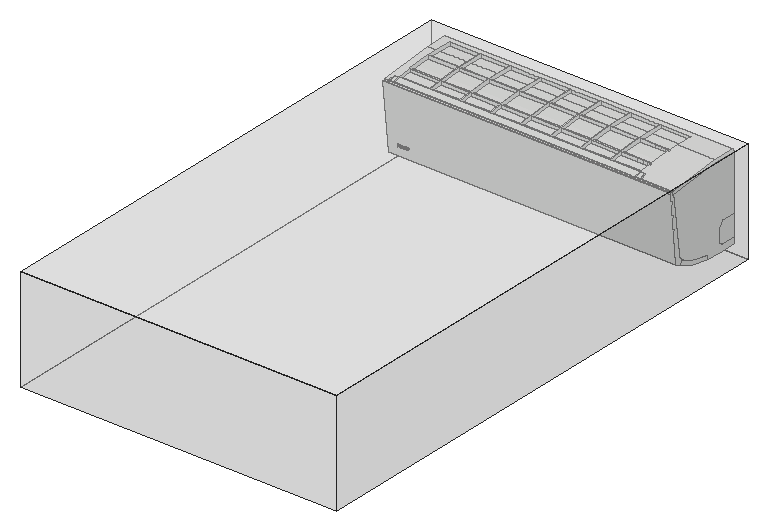
Revit family "outputfile", category 機械設備, Revit 2024 (continued)
Definition of nested family "DAIKIN_indoorunit_FTKF-DVA"
  Cuts and joins
    Extrusion 48, Extrusion 50 cuts Extrusion 38
    Extrusion 50 cuts Extrusion 49
    Extrusion 52, Extrusion 54 cuts Extrusion 2
    Extrusion 52, Extrusion 54 cuts Extrusion 6
    Extrusion 54 cuts Extrusion 53
    Extrusion 47 cuts Extrusion 46
  Lines and regions (mm)
    reference lines
      curve 1: line (-523, -203.827, -201.479) -> (-523, -197.847, -215.327)
      curve 2: line (-523, -218.956, -203.806) -> (-523, -217.93, -217.251)
      curve 3: line (-523, -253.284, -206.176) -> (-523, -252.024, -219.601)
  Dimensions and locks
    locked: Extrusion 9 sketch curve to Extrusion 9 sketch curve at 60
    locked: Extrusion 9 sketch curve to Extrusion 9 sketch curve at 50
    locked: Extrusion 11 sketch curve to Extrusion 11 sketch curve at 48.5
    equal spacing: plane 5, plane 3 "Center (Left/Right)", plane 4
    "Width": plane 5 to plane 4
    locked: Extrusion 8 sketch curve to plane 4 at 48
    "WALL HOLE-R": plane 5 to Extrusion 8 sketch curve
    "Height": plane 2 "reference_level" to plane 6
    locked: Extrusion 8 sketch curve to plane 6 at 45  (x2)
    Extrusion 13 to nested 2 = 36.0 mm
    locked: Extrusion 19 sketch curve to Extrusion 19 sketch curve at 60
    locked: Extrusion 20 sketch curve to Extrusion 20 sketch curve at 60
    Extrusion 21 sketch curve to Extrusion 21 sketch curve = 52.0 mm  (x2)
    Extrusion 11 sketch curve to Extrusion 11 sketch curve to plane 3 "Center (Left/Right)" = 60.0 mm locked, 286.0 mm locked
    plane 3 "Center (Left/Right)" to Extrusion 11 sketch curve to Extrusion 11 sketch curve = 259.0 mm locked, 60.0 mm locked
    Extrusion 21 sketch curve to Extrusion 21 sketch curve to plane 3 "Center (Left/Right)" to Extrusion 21 sketch curve to Extrusion 21 sketch curve = 60.0 mm, 309.0 mm, 309.0 mm, 60.0 mm
    Extrusion 42 sketch curve to plane 1 "Center (Front/Back)" = 61.8 mm
    Extrusion 42 sketch curve to Extrusion 42 sketch curve to plane 3 "Center (Left/Right)" to Extrusion 42 sketch curve to Extrusion 42 sketch curve = 73.5 mm locked, 395.5 mm locked, 395.5 mm locked, 73.5 mm locked
    aligned and locked: level to plane 2 "reference_level"
    aligned and locked: Extrusion 11 sketch curve to Extrusion 11 sketch curve  (x2)
    aligned and locked: Extrusion 8 to plane 1 "Center (Front/Back)"
    aligned and locked: nested 2 to curve 2
    aligned and locked: nested 3 to curve 3
    aligned and locked: Extrusion 42 sketch curve to Extrusion 42 sketch curve
  Automatic sketch dimensions
    Extrusion 4 sketch curve to plane 1 "Center (Front/Back)" = 0.0 mm
    plane 1 "Center (Front/Back)" to Extrusion 4 sketch curve = 2.596 mm
    plane 1 "Center (Front/Back)" to Extrusion 4 sketch curve = 22.05 mm
    Extrusion 4 sketch curve to level = 8.0 mm
    Extrusion 4 sketch curve to Extrusion 4 sketch curve = 87.469 mm
    Extrusion 4 sketch curve to Extrusion 4 sketch curve = 23.928 mm
    Extrusion 4 sketch curve to Extrusion 4 sketch curve = 26.307 mm
    Extrusion 4 sketch curve to Extrusion 4 sketch curve = 83.5 mm
    Extrusion 4 sketch curve to level = 28.539 mm
    Extrusion 4 sketch curve to Extrusion 4 sketch curve = 91.44 mm
    Extrusion 4 sketch curve to Extrusion 4 sketch curve = 12.229 mm
    Extrusion 4 sketch curve to Extrusion 4 sketch curve = 32.705 mm
    Extrusion 4 sketch curve to level = 43.491 mm
    Extrusion 4 sketch curve to Extrusion 4 sketch curve = 3.707 mm
    Extrusion 4 sketch curve to Extrusion 4 sketch curve = 52.472 mm
    Extrusion 4 sketch curve to Extrusion 4 sketch curve = 0.0 mm
    plane 1 "Center (Front/Back)" to Extrusion 5 sketch curve = 192.48 mm
    Extrusion 5 sketch curve to Extrusion 5 sketch curve = 11.872 mm
    Extrusion 5 sketch curve to Extrusion 5 sketch curve = 65.26 mm
    Extrusion 5 sketch curve to Extrusion 5 sketch curve = 0.31 mm  (x2)
    Extrusion 5 sketch curve to Extrusion 5 sketch curve = 66.449 mm
    plane 1 "Center (Front/Back)" to Extrusion 5 sketch curve = 22.36 mm
    Extrusion 5 sketch curve to level = 276.027 mm
    Extrusion 5 sketch curve to Extrusion 5 sketch curve = 10.915 mm
    Extrusion 5 sketch curve to Extrusion 5 sketch curve = 42.154 mm
    Extrusion 5 sketch curve to Extrusion 5 sketch curve = 1.37 mm
    Extrusion 5 sketch curve to Extrusion 5 sketch curve = 54.088 mm
    Extrusion 5 sketch curve to Extrusion 5 sketch curve = 0.0 mm  (x2)
    Extrusion 5 sketch curve to level = 43.491 mm
    plane 1 "Center (Front/Back)" to Extrusion 6 sketch curve = 192.48 mm
    Extrusion 6 sketch curve to Extrusion 6 sketch curve = 11.872 mm
    Extrusion 6 sketch curve to Extrusion 6 sketch curve = 65.26 mm
    Extrusion 6 sketch curve to Extrusion 6 sketch curve = 0.31 mm  (x2)
    Extrusion 6 sketch curve to Extrusion 6 sketch curve = 66.449 mm
    plane 1 "Center (Front/Back)" to Extrusion 6 sketch curve = 22.36 mm
    Extrusion 6 sketch curve to level = 276.027 mm
    Extrusion 6 sketch curve to Extrusion 6 sketch curve = 10.915 mm
    Extrusion 6 sketch curve to Extrusion 6 sketch curve = 42.154 mm
    Extrusion 6 sketch curve to Extrusion 6 sketch curve = 1.37 mm
    Extrusion 6 sketch curve to Extrusion 6 sketch curve = 54.088 mm
    Extrusion 6 sketch curve to Extrusion 6 sketch curve = 0.0 mm  (x2)
    Extrusion 6 sketch curve to level = 43.491 mm
    plane 1 "Center (Front/Back)" to Extrusion 7 sketch curve = 72.419 mm
    Extrusion 7 sketch curve to plane 3 "Center (Left/Right)" = 324.633 mm
    Extrusion 7 sketch curve to Extrusion 7 sketch curve = 0.0 mm  (x39)
    plane 1 "Center (Front/Back)" to Extrusion 7 sketch curve = 75.939 mm
    Extrusion 7 sketch curve to Extrusion 7 sketch curve = 20.633 mm  (x2)
    plane 1 "Center (Front/Back)" to Extrusion 7 sketch curve = 74.9 mm
    plane 1 "Center (Front/Back)" to Extrusion 7 sketch curve = 142.3 mm
    Extrusion 7 sketch curve to Extrusion 7 sketch curve = 24.633 mm
    Extrusion 7 sketch curve to Extrusion 7 sketch curve = 69.1 mm
    plane 1 "Center (Front/Back)" to Extrusion 7 sketch curve = 24.5 mm  (x4)
    Extrusion 7 sketch curve to Extrusion 7 sketch curve = 1.4 mm  (x23)
    Extrusion 7 sketch curve to Extrusion 7 sketch curve = 86.6 mm
    Extrusion 7 sketch curve to Extrusion 7 sketch curve = 70.6 mm
    Extrusion 7 sketch curve to Extrusion 7 sketch curve = 20.0 mm  (x4)
    plane 3 "Center (Left/Right)" to Extrusion 7 sketch curve = 36.5 mm  (x2)
    Extrusion 7 sketch curve to Extrusion 7 sketch curve = 87.0 mm
    Extrusion 7 sketch curve to Extrusion 7 sketch curve = 69.717 mm
    Extrusion 7 sketch curve to Extrusion 7 sketch curve = 1.026 mm
    Extrusion 7 sketch curve to Extrusion 7 sketch curve = 38.883 mm
    Extrusion 7 sketch curve to Extrusion 7 sketch curve = 39.104 mm
    Extrusion 7 sketch curve to Extrusion 7 sketch curve = 1.291 mm
    Extrusion 7 sketch curve to Extrusion 7 sketch curve = 1.048 mm  (x5)
    Extrusion 7 sketch curve to Extrusion 7 sketch curve = 41.2 mm
    Extrusion 7 sketch curve to Extrusion 7 sketch curve = 3.496 mm  (x2)
    Extrusion 7 sketch curve to Extrusion 7 sketch curve = 3.508 mm
    Extrusion 7 sketch curve to Extrusion 7 sketch curve = 63.904 mm
    Extrusion 7 sketch curve to Extrusion 7 sketch curve = 66.0 mm
    Extrusion 7 sketch curve to Extrusion 7 sketch curve = 3.386 mm
    Extrusion 9 sketch curve to plane 1 "Center (Front/Back)" = 0.0 mm
    Extrusion 9 sketch curve to Extrusion 9 sketch curve = 20.0 mm  (x2)
    Extrusion 9 sketch curve to level = 273.0 mm
    plane 1 "Center (Front/Back)" to Extrusion 11 sketch curve = 0.0 mm
    Extrusion 11 sketch curve to Extrusion 11 sketch curve = 18.5 mm  (x3)
    Extrusion 11 sketch curve to Extrusion 11 sketch curve = 23.0 mm
    Extrusion 12 sketch curve to level = 0.0 mm
    Extrusion 12 sketch curve to plane 1 "Center (Front/Back)" = 0.0 mm
    plane 1 "Center (Front/Back)" to Extrusion 12 sketch curve = 5.0 mm
    Extrusion 12 sketch curve to plane 1 "Center (Front/Back)" = 14.977 mm
    Extrusion 12 sketch curve to level = 9.02 mm
    Extrusion 12 sketch curve to level = 11.0 mm
    level to Extrusion 12 sketch curve = 9.314 mm
    plane 1 "Center (Front/Back)" to Extrusion 14 sketch curve = 23.5 mm  (x3)
    Extrusion 14 sketch curve to plane 3 "Center (Left/Right)" = 355.499 mm
    Extrusion 14 sketch curve to Extrusion 14 sketch curve = 0.0 mm  (x34)
    Extrusion 14 sketch curve to Extrusion 14 sketch curve = 101.5 mm
    Extrusion 14 sketch curve to Extrusion 14 sketch curve = 2.6 mm  (x8)
    Extrusion 14 sketch curve to Extrusion 14 sketch curve = 99.5 mm  (x2)
    Extrusion 14 sketch curve to plane 3 "Center (Left/Right)" = 54.549 mm
    Extrusion 14 sketch curve to Extrusion 14 sketch curve = 12.0 mm  (x7)
    plane 3 "Center (Left/Right)" to Extrusion 14 sketch curve = 52.301 mm  (x2)
    Extrusion 14 sketch curve to Extrusion 14 sketch curve = 73.2 mm  (x2)
    Extrusion 14 sketch curve to Extrusion 14 sketch curve = 2.4 mm  (x6)
    Extrusion 14 sketch curve to Extrusion 14 sketch curve = 71.0 mm  (x3)
    Extrusion 14 sketch curve to Extrusion 14 sketch curve = 1.6 mm  (x6)
    Extrusion 14 sketch curve to Extrusion 14 sketch curve = 30.0 mm  (x3)
    plane 1 "Center (Front/Back)" to Extrusion 15 sketch curve = 194.856 mm
    Extrusion 15 sketch curve to Extrusion 15 sketch curve = 9.074 mm
    Extrusion 15 sketch curve to Extrusion 15 sketch curve = 86.508 mm
    level to Extrusion 15 sketch curve = 11.72 mm
    plane 1 "Center (Front/Back)" to Extrusion 15 sketch curve = 52.895 mm
    Extrusion 15 sketch curve to Extrusion 15 sketch curve = 0.004 mm
    Extrusion 15 sketch curve to Extrusion 15 sketch curve = 0.033 mm
    Extrusion 15 sketch curve to level = 244.604 mm
    Extrusion 15 sketch curve to Extrusion 15 sketch curve = 7.382 mm
    plane 1 "Center (Front/Back)" to Extrusion 16 sketch curve = 194.856 mm
    Extrusion 16 sketch curve to Extrusion 16 sketch curve = 9.074 mm
    Extrusion 16 sketch curve to Extrusion 16 sketch curve = 86.508 mm
    level to Extrusion 16 sketch curve = 11.72 mm
    plane 1 "Center (Front/Back)" to Extrusion 16 sketch curve = 52.895 mm
    Extrusion 16 sketch curve to Extrusion 16 sketch curve = 0.004 mm
    Extrusion 16 sketch curve to level = 244.604 mm
    Extrusion 16 sketch curve to Extrusion 16 sketch curve = 7.382 mm
    Extrusion 16 sketch curve to Extrusion 16 sketch curve = 10.901 mm
    plane 1 "Center (Front/Back)" to Extrusion 17 sketch curve = 194.856 mm
    Extrusion 17 sketch curve to Extrusion 17 sketch curve = 9.074 mm
    Extrusion 17 sketch curve to Extrusion 17 sketch curve = 86.508 mm
    level to Extrusion 17 sketch curve = 11.72 mm
    plane 1 "Center (Front/Back)" to Extrusion 17 sketch curve = 52.895 mm
    Extrusion 17 sketch curve to Extrusion 17 sketch curve = 0.004 mm
    Extrusion 17 sketch curve to level = 244.604 mm
    Extrusion 17 sketch curve to Extrusion 17 sketch curve = 7.382 mm
    Extrusion 17 sketch curve to Extrusion 17 sketch curve = 10.901 mm
    Extrusion 19 sketch curve to plane 1 "Center (Front/Back)" = 0.0 mm
    Extrusion 19 sketch curve to Extrusion 19 sketch curve = 32.8 mm
    plane 1 "Center (Front/Back)" to Extrusion 19 sketch curve = 32.8 mm
    Extrusion 19 sketch curve to Extrusion 19 sketch curve = 19.2 mm
    Extrusion 19 sketch curve to level = 269.6 mm
    Extrusion 20 sketch curve to plane 1 "Center (Front/Back)" = 0.0 mm
    Extrusion 20 sketch curve to Extrusion 20 sketch curve = 32.8 mm  (x2)
    Extrusion 20 sketch curve to Extrusion 20 sketch curve = 19.2 mm
    Extrusion 20 sketch curve to level = 269.6 mm
    plane 1 "Center (Front/Back)" to Extrusion 21 sketch curve = 0.0 mm  (x2)
    Extrusion 21 sketch curve to Extrusion 21 sketch curve = 20.0 mm  (x4)
    Extrusion 22 sketch curve to plane 3 "Center (Left/Right)" = 339.0 mm
    plane 3 "Center (Left/Right)" to Extrusion 22 sketch curve = 231.0 mm
    plane 1 "Center (Front/Back)" to Extrusion 22 sketch curve = 202.769 mm
    Extrusion 22 sketch curve to Extrusion 22 sketch curve = 17.012 mm
    Extrusion 23 sketch curve to plane 3 "Center (Left/Right)" = 339.0 mm
    Extrusion 23 sketch curve to Extrusion 23 sketch curve = 15.0 mm  (x2)
    plane 3 "Center (Left/Right)" to Extrusion 23 sketch curve = 216.0 mm
    plane 1 "Center (Front/Back)" to Extrusion 23 sketch curve = 202.757 mm  (x2)
    Extrusion 23 sketch curve to Extrusion 23 sketch curve = 17.0 mm  (x2)
    Extrusion 24 sketch curve to plane 3 "Center (Left/Right)" = 324.0 mm
    Extrusion 24 sketch curve to Extrusion 24 sketch curve = 43.629 mm
    Extrusion 24 sketch curve to Extrusion 24 sketch curve = 1.5 mm  (x9)
    Extrusion 24 sketch curve to Extrusion 24 sketch curve = 21.542 mm  (x3)
    Extrusion 24 sketch curve to plane 3 "Center (Left/Right)" = 123.621 mm
    Extrusion 24 sketch curve to plane 3 "Center (Left/Right)" = 9.121 mm
    plane 3 "Center (Left/Right)" to Extrusion 24 sketch curve = 13.921 mm
    Extrusion 24 sketch curve to Extrusion 24 sketch curve = 132.208 mm
    Extrusion 24 sketch curve to Extrusion 24 sketch curve = 43.829 mm
    plane 1 "Center (Front/Back)" to Extrusion 24 sketch curve = 202.757 mm
    plane 1 "Center (Front/Back)" to Extrusion 24 sketch curve = 195.757 mm
    Extrusion 24 sketch curve to Extrusion 24 sketch curve = 7.0 mm  (x2)
    Extrusion 24 sketch curve to Extrusion 24 sketch curve = 3.5 mm  (x4)
    Extrusion 24 sketch curve to Extrusion 24 sketch curve = 12.0 mm
    Extrusion 26 sketch curve to plane 3 "Center (Left/Right)" = 373.412 mm
    Extrusion 26 sketch curve to Extrusion 26 sketch curve = 1.011 mm
    Extrusion 26 sketch curve to Extrusion 26 sketch curve = 15.228 mm
    Extrusion 26 sketch curve to Extrusion 26 sketch curve = 0.132 mm
    plane 3 "Center (Left/Right)" to Extrusion 26 sketch curve = 259.015 mm
    Extrusion 26 sketch curve to Extrusion 26 sketch curve = 0.133 mm
    Extrusion 26 sketch curve to Extrusion 26 sketch curve = 15.197 mm
    Extrusion 26 sketch curve to Extrusion 26 sketch curve = 16.358 mm
    plane 1 "Center (Front/Back)" to Extrusion 26 sketch curve = 238.673 mm
    Extrusion 26 sketch curve to Extrusion 26 sketch curve = 34.983 mm
    Extrusion 26 sketch curve to Extrusion 26 sketch curve = 3.79 mm  (x2)
    plane 3 "Center (Left/Right)" to Extrusion 26 sketch curve = 247.689 mm
    plane 1 "Center (Front/Back)" to Extrusion 26 sketch curve = 58.091 mm
    Extrusion 27 sketch curve to plane 3 "Center (Left/Right)" = 373.099 mm
    Extrusion 27 sketch curve to Extrusion 27 sketch curve = 0.698 mm
    Extrusion 27 sketch curve to Extrusion 27 sketch curve = 15.228 mm
    Extrusion 27 sketch curve to Extrusion 27 sketch curve = 0.132 mm
    Extrusion 27 sketch curve to Extrusion 27 sketch curve = 1.99 mm
    plane 3 "Center (Left/Right)" to Extrusion 27 sketch curve = 257.001 mm
    Extrusion 27 sketch curve to Extrusion 27 sketch curve = 2.014 mm
    Extrusion 27 sketch curve to Extrusion 27 sketch curve = 0.133 mm
    Extrusion 27 sketch curve to Extrusion 27 sketch curve = 15.196 mm
    Extrusion 27 sketch curve to Extrusion 27 sketch curve = 18.053 mm
    plane 1 "Center (Front/Back)" to Extrusion 27 sketch curve = 226.673 mm  (x2)
    Extrusion 27 sketch curve to Extrusion 27 sketch curve = 22.983 mm  (x2)
    Extrusion 27 sketch curve to Extrusion 27 sketch curve = 3.79 mm  (x2)
    Extrusion 28 sketch curve to plane 3 "Center (Left/Right)" = 355.05 mm
    plane 3 "Center (Left/Right)" to Extrusion 28 sketch curve = 257.001 mm
    plane 1 "Center (Front/Back)" to Extrusion 28 sketch curve = 226.673 mm
    Extrusion 28 sketch curve to Extrusion 28 sketch curve = 22.983 mm
    Extrusion 29 sketch curve to level = 0.0 mm
    Extrusion 29 sketch curve to level = 30.0 mm
    plane 1 "Center (Front/Back)" to Extrusion 29 sketch curve = 238.673 mm
    Extrusion 29 sketch curve to Extrusion 29 sketch curve = 38.773 mm
    Extrusion 29 sketch curve to Extrusion 29 sketch curve = 0.0 mm  (x2)
    plane 1 "Center (Front/Back)" to Extrusion 29 sketch curve = 45.84 mm
    Extrusion 29 sketch curve to plane 1 "Center (Front/Back)" = 14.977 mm
    Extrusion 29 sketch curve to Extrusion 29 sketch curve = 994.66 mm
    Extrusion 29 sketch curve to Extrusion 29 sketch curve = 0.163 mm
    Extrusion 29 sketch curve to Extrusion 29 sketch curve = 7.224 mm
    Extrusion 29 sketch curve to level = 11.646 mm
    level to Extrusion 29 sketch curve = 9.314 mm
    Extrusion 29 sketch curve to Extrusion 29 sketch curve = 13.398 mm
    Extrusion 30 sketch curve to Extrusion 30 sketch curve = 0.0 mm  (x2)
    plane 1 "Center (Front/Back)" to Extrusion 30 sketch curve = 189.887 mm
    Extrusion 30 sketch curve to Extrusion 30 sketch curve = 11.307 mm
    Extrusion 30 sketch curve to Extrusion 30 sketch curve = 46.464 mm
    Extrusion 30 sketch curve to Extrusion 30 sketch curve = 21.724 mm
    Extrusion 30 sketch curve to level = 277.1 mm
    Extrusion 30 sketch curve to Extrusion 30 sketch curve = 22.499 mm
    Extrusion 31 sketch curve to Extrusion 31 sketch curve = 0.0 mm  (x2)
    plane 1 "Center (Front/Back)" to Extrusion 31 sketch curve = 189.887 mm
    Extrusion 31 sketch curve to Extrusion 31 sketch curve = 11.307 mm
    Extrusion 31 sketch curve to Extrusion 31 sketch curve = 46.464 mm
    Extrusion 31 sketch curve to Extrusion 31 sketch curve = 21.724 mm
    Extrusion 31 sketch curve to level = 277.1 mm
    Extrusion 31 sketch curve to Extrusion 31 sketch curve = 22.499 mm
    Extrusion 32 sketch curve to Extrusion 32 sketch curve = 0.0 mm  (x2)
    plane 1 "Center (Front/Back)" to Extrusion 32 sketch curve = 185.929 mm
    Extrusion 32 sketch curve to Extrusion 32 sketch curve = 6.899 mm
    Extrusion 32 sketch curve to Extrusion 32 sketch curve = 9.219 mm
    Extrusion 32 sketch curve to Extrusion 32 sketch curve = 7.915 mm
    Extrusion 32 sketch curve to level = 264.005 mm
    Extrusion 32 sketch curve to Extrusion 32 sketch curve = 7.405 mm
    Extrusion 33 sketch curve to Extrusion 33 sketch curve = 0.0 mm  (x2)
    plane 1 "Center (Front/Back)" to Extrusion 33 sketch curve = 185.929 mm
    Extrusion 33 sketch curve to Extrusion 33 sketch curve = 6.899 mm
    Extrusion 33 sketch curve to Extrusion 33 sketch curve = 9.219 mm
    Extrusion 33 sketch curve to Extrusion 33 sketch curve = 7.915 mm
    Extrusion 33 sketch curve to level = 264.005 mm
    Extrusion 33 sketch curve to Extrusion 33 sketch curve = 7.405 mm
    plane 1 "Center (Front/Back)" to Extrusion 36 sketch curve = 233.849 mm
    Extrusion 36 sketch curve to Extrusion 36 sketch curve = 11.574 mm
    Extrusion 36 sketch curve to Extrusion 36 sketch curve = 106.825 mm
    Extrusion 36 sketch curve to Extrusion 36 sketch curve = 0.0 mm
    level to Extrusion 36 sketch curve = 3.941 mm
    plane 1 "Center (Front/Back)" to Extrusion 36 sketch curve = 90.201 mm
    Extrusion 36 sketch curve to Extrusion 36 sketch curve = 0.002 mm
    Extrusion 36 sketch curve to Extrusion 36 sketch curve = 0.776 mm
    Extrusion 36 sketch curve to level = 250.06 mm
    Extrusion 36 sketch curve to Extrusion 36 sketch curve = 9.301 mm
    Extrusion 36 sketch curve to Extrusion 36 sketch curve = 31.169 mm
    Extrusion 36 sketch curve to Extrusion 36 sketch curve = 13.702 mm
    Extrusion 36 sketch curve to Extrusion 36 sketch curve = 27.641 mm
    plane 1 "Center (Front/Back)" to Extrusion 37 sketch curve = 233.849 mm
    Extrusion 37 sketch curve to Extrusion 37 sketch curve = 11.574 mm
    Extrusion 37 sketch curve to Extrusion 37 sketch curve = 106.825 mm
    Extrusion 37 sketch curve to Extrusion 37 sketch curve = 0.0 mm
    level to Extrusion 37 sketch curve = 3.941 mm
    plane 1 "Center (Front/Back)" to Extrusion 37 sketch curve = 90.201 mm
    Extrusion 37 sketch curve to Extrusion 37 sketch curve = 0.002 mm
    Extrusion 37 sketch curve to Extrusion 37 sketch curve = 0.776 mm
    Extrusion 37 sketch curve to level = 250.06 mm
    Extrusion 37 sketch curve to Extrusion 37 sketch curve = 9.301 mm
    Extrusion 37 sketch curve to Extrusion 37 sketch curve = 31.169 mm
    Extrusion 37 sketch curve to Extrusion 37 sketch curve = 13.702 mm
    Extrusion 37 sketch curve to Extrusion 37 sketch curve = 27.641 mm
    plane 1 "Center (Front/Back)" to Extrusion 38 sketch curve = 233.849 mm
    Extrusion 38 sketch curve to Extrusion 38 sketch curve = 11.574 mm
    Extrusion 38 sketch curve to Extrusion 38 sketch curve = 106.825 mm
    Extrusion 38 sketch curve to Extrusion 38 sketch curve = 0.0 mm
    level to Extrusion 38 sketch curve = 3.941 mm
    plane 1 "Center (Front/Back)" to Extrusion 38 sketch curve = 90.201 mm
    Extrusion 38 sketch curve to Extrusion 38 sketch curve = 0.002 mm
    Extrusion 38 sketch curve to Extrusion 38 sketch curve = 0.776 mm
    Extrusion 38 sketch curve to level = 250.06 mm
    Extrusion 38 sketch curve to Extrusion 38 sketch curve = 9.301 mm
    Extrusion 38 sketch curve to Extrusion 38 sketch curve = 31.169 mm
    Extrusion 38 sketch curve to Extrusion 38 sketch curve = 13.702 mm
    Extrusion 38 sketch curve to Extrusion 38 sketch curve = 27.641 mm
    Extrusion 40 sketch curve to plane 1 "Center (Front/Back)" = 0.0 mm
    plane 1 "Center (Front/Back)" to Extrusion 40 sketch curve = 41.8 mm
    Extrusion 40 sketch curve to Extrusion 40 sketch curve = 0.0 mm  (x2)
    Extrusion 40 sketch curve to Extrusion 40 sketch curve = 20.0 mm
    Extrusion 40 sketch curve to level = 275.5 mm
    Extrusion 40 sketch curve to Extrusion 40 sketch curve = 33.5 mm
    Extrusion 41 sketch curve to plane 1 "Center (Front/Back)" = 0.0 mm
    plane 1 "Center (Front/Back)" to Extrusion 41 sketch curve = 41.8 mm
    Extrusion 41 sketch curve to Extrusion 41 sketch curve = 0.0 mm
    Extrusion 41 sketch curve to Extrusion 41 sketch curve = 20.0 mm
    Extrusion 41 sketch curve to level = 202.0 mm
    Extrusion 41 sketch curve to Extrusion 41 sketch curve = 33.5 mm
    plane 1 "Center (Front/Back)" to Extrusion 42 sketch curve = 0.0 mm  (x2)
    Extrusion 42 sketch curve to Extrusion 42 sketch curve = 20.0 mm  (x4)
    plane 3 "Center (Left/Right)" to Extrusion 44 sketch curve = 380.0 mm
    Extrusion 46 sketch curve to plane 3 "Center (Left/Right)" = 466.5 mm
    plane 3 "Center (Left/Right)" to Extrusion 46 sketch curve = 366.0 mm
    plane 1 "Center (Front/Back)" to Extrusion 46 sketch curve = 264.436 mm
    Extrusion 46 sketch curve to Extrusion 46 sketch curve = 25.436 mm
    Extrusion 47 sketch curve to level = 33.272 mm
    Extrusion 47 sketch curve to level = 22.853 mm
    level to Extrusion 47 sketch curve = 5.0 mm
    Extrusion 48 sketch curve to Extrusion 48 sketch curve = 20.148 mm
    Extrusion 48 sketch curve to Extrusion 48 sketch curve = 44.745 mm
    Extrusion 48 sketch curve to Extrusion 48 sketch curve = 22.502 mm
    level to Extrusion 48 sketch curve = 6.546 mm
    plane 1 "Center (Front/Back)" to Extrusion 48 sketch curve = 89.423 mm
    Extrusion 48 sketch curve to Extrusion 48 sketch curve = 0.0 mm  (x2)
    Extrusion 48 sketch curve to Extrusion 48 sketch curve = 11.127 mm
    Extrusion 49 sketch curve to Extrusion 49 sketch curve = 0.0 mm  (x2)
    level to Extrusion 49 sketch curve = 6.546 mm
    plane 1 "Center (Front/Back)" to Extrusion 49 sketch curve = 89.423 mm
    Extrusion 49 sketch curve to level = 261.498 mm
    Extrusion 49 sketch curve to Extrusion 49 sketch curve = 11.127 mm
    Extrusion 49 sketch curve to Extrusion 49 sketch curve = 64.893 mm
    Extrusion 49 sketch curve to Extrusion 49 sketch curve = 20.148 mm
    Extrusion 50 sketch curve to Extrusion 50 sketch curve = 8.97 mm
    Extrusion 50 sketch curve to Extrusion 50 sketch curve = 7.404 mm
    level to Extrusion 50 sketch curve = 6.546 mm
    Extrusion 50 sketch curve to Extrusion 50 sketch curve = 6.785 mm
    Extrusion 50 sketch curve to Extrusion 50 sketch curve = 7.726 mm
    Extrusion 50 sketch curve to Extrusion 50 sketch curve = 0.0 mm  (x2)
    plane 1 "Center (Front/Back)" to Extrusion 50 sketch curve = 89.423 mm
    Extrusion 51 sketch curve to Extrusion 51 sketch curve = 0.0 mm  (x2)
    level to Extrusion 51 sketch curve = 6.546 mm
    plane 1 "Center (Front/Back)" to Extrusion 51 sketch curve = 89.423 mm
    Extrusion 51 sketch curve to level = 263.5 mm
    Extrusion 51 sketch curve to Extrusion 51 sketch curve = 6.785 mm
    Extrusion 51 sketch curve to Extrusion 51 sketch curve = 16.697 mm
    Extrusion 51 sketch curve to Extrusion 51 sketch curve = 7.726 mm
    Extrusion 10 sketch curve to plane 1 "Center (Front/Back)" = 0.0 mm
    plane 1 "Center (Front/Back)" to Extrusion 10 sketch curve = 30.0 mm
    Extrusion 10 sketch curve to Extrusion 10 sketch curve = 0.0 mm
    Extrusion 10 sketch curve to Extrusion 10 sketch curve = 20.0 mm  (x2)
    Extrusion 10 sketch curve to level = 273.0 mm
    Extrusion 3 sketch curve to level = 13.692 mm
    plane 1 "Center (Front/Back)" to Extrusion 3 sketch curve = 211.618 mm
    Extrusion 3 sketch curve to Extrusion 3 sketch curve = 0.618 mm
    Extrusion 3 sketch curve to Extrusion 3 sketch curve = 1.902 mm
    Extrusion 3 sketch curve to Extrusion 3 sketch curve = 2.0 mm
    Extrusion 3 sketch curve to level = 10.816 mm
    Extrusion 3 sketch curve to Extrusion 3 sketch curve = 8.849 mm
    Extrusion 3 sketch curve to Extrusion 3 sketch curve = 2.652 mm
    Extrusion 3 sketch curve to Extrusion 3 sketch curve = 151.871 mm
    Extrusion 3 sketch curve to Extrusion 3 sketch curve = 95.0 mm
    Extrusion 3 sketch curve to Extrusion 3 sketch curve = 10.31 mm
    Extrusion 3 sketch curve to Extrusion 3 sketch curve = 6.572 mm
    Extrusion 3 sketch curve to Extrusion 3 sketch curve = 0.097 mm
    Extrusion 3 sketch curve to Extrusion 3 sketch curve = 0.31 mm
    Extrusion 3 sketch curve to Extrusion 3 sketch curve = 11.812 mm
    plane 1 "Center (Front/Back)" to Extrusion 2 sketch curve = 115.348 mm
    plane 1 "Center (Front/Back)" to Extrusion 2 sketch curve = 22.36 mm
    Extrusion 2 sketch curve to level = 167.5 mm
    Extrusion 2 sketch curve to level = 43.491 mm
    Extrusion 2 sketch curve to Extrusion 2 sketch curve = 1.189 mm
    Extrusion 2 sketch curve to Extrusion 2 sketch curve = 58.182 mm
    Extrusion 2 sketch curve to Extrusion 2 sketch curve = 0.0 mm  (x4)
    Extrusion 2 sketch curve to Extrusion 2 sketch curve = 20.14 mm
    Extrusion 2 sketch curve to Extrusion 2 sketch curve = 0.31 mm  (x2)
    Extrusion 2 sketch curve to Extrusion 2 sketch curve = 11.872 mm
    Extrusion 2 sketch curve to Extrusion 2 sketch curve = 6.31 mm
    Extrusion 52 sketch curve to Extrusion 52 sketch curve = 0.0 mm  (x5)
    Extrusion 52 sketch curve to Extrusion 52 sketch curve = 52.75 mm
    plane 1 "Center (Front/Back)" to Extrusion 52 sketch curve = 22.36 mm
    Extrusion 52 sketch curve to Extrusion 52 sketch curve = 35.994 mm
    Extrusion 52 sketch curve to Extrusion 52 sketch curve = 64.506 mm
    Extrusion 52 sketch curve to level = 43.491 mm
    Extrusion 52 sketch curve to Extrusion 52 sketch curve = 6.981 mm
    Extrusion 52 sketch curve to Extrusion 52 sketch curve = 5.769 mm
    Extrusion 52 sketch curve to Extrusion 52 sketch curve = 3.0 mm
    Extrusion 52 sketch curve to Extrusion 52 sketch curve = 11.895 mm
    plane 1 "Center (Front/Back)" to Extrusion 53 sketch curve = 22.36 mm
    Extrusion 53 sketch curve to level = 43.491 mm
    Extrusion 53 sketch curve to Extrusion 53 sketch curve = 5.097 mm
    Extrusion 53 sketch curve to Extrusion 53 sketch curve = 48.896 mm
    Extrusion 53 sketch curve to Extrusion 53 sketch curve = 0.0 mm  (x6)
    Extrusion 53 sketch curve to Extrusion 53 sketch curve = 8.769 mm
    Extrusion 53 sketch curve to Extrusion 53 sketch curve = 11.895 mm
    Extrusion 53 sketch curve to Extrusion 53 sketch curve = 6.981 mm
    Extrusion 53 sketch curve to Extrusion 53 sketch curve = 3.0 mm
    Extrusion 54 sketch curve to Extrusion 54 sketch curve = 0.0 mm  (x6)
    Extrusion 54 sketch curve to Extrusion 54 sketch curve = 9.206 mm
    Extrusion 54 sketch curve to Extrusion 54 sketch curve = 61.422 mm
    plane 1 "Center (Front/Back)" to Extrusion 54 sketch curve = 22.36 mm
    Extrusion 54 sketch curve to Extrusion 54 sketch curve = 11.007 mm
    Extrusion 54 sketch curve to level = 43.491 mm
    Extrusion 54 sketch curve to Extrusion 54 sketch curve = 4.409 mm
    Extrusion 54 sketch curve to Extrusion 54 sketch curve = 1.8 mm
    Extrusion 54 sketch curve to Extrusion 54 sketch curve = 5.228 mm
    Extrusion 55 sketch curve to Extrusion 55 sketch curve = 61.422 mm
    Extrusion 55 sketch curve to level = 235.993 mm
    Extrusion 55 sketch curve to Extrusion 55 sketch curve = 4.409 mm
    Extrusion 55 sketch curve to Extrusion 55 sketch curve = 6.229 mm
    plane 1 "Center (Front/Back)" to Extrusion 55 sketch curve = 22.36 mm
    Extrusion 55 sketch curve to Extrusion 55 sketch curve = 0.0 mm  (x6)
    Extrusion 55 sketch curve to Extrusion 55 sketch curve = 8.205 mm
    Extrusion 55 sketch curve to Extrusion 55 sketch curve = 5.228 mm
    Extrusion 55 sketch curve to Extrusion 55 sketch curve = 1.8 mm
    Extrusion 25 sketch curve to Extrusion 25 sketch curve = 0.0 mm  (x4)
    Extrusion 25 sketch curve to level = 0.0 mm
    Extrusion 25 sketch curve to level = 35.0 mm
    plane 1 "Center (Front/Back)" to Extrusion 25 sketch curve = 205.202 mm
    Extrusion 25 sketch curve to Extrusion 25 sketch curve = 19.445 mm
    plane 1 "Center (Front/Back)" to Extrusion 25 sketch curve = 104.232 mm
    Extrusion 25 sketch curve to Extrusion 25 sketch curve = 209.941 mm
    Extrusion 25 sketch curve to Extrusion 25 sketch curve = 4.474 mm
    Extrusion 25 sketch curve to Extrusion 25 sketch curve = 8.811 mm
    Extrusion 12 sketch curve to Extrusion 12 sketch curve = 1.396 mm
    plane 1 "Center (Front/Back)" to Extrusion 12 sketch curve = 45.84 mm
    Extrusion 12 sketch curve to Extrusion 12 sketch curve = 0.0 mm
    Extrusion 12 sketch curve to Extrusion 12 sketch curve = 0.163 mm
    Extrusion 12 sketch curve to level = 26.758 mm
    Extrusion 18 sketch curve to plane 1 "Center (Front/Back)" = 0.0 mm
    level to Extrusion 18 sketch curve = 4.099 mm
    Extrusion 18 sketch curve to Extrusion 18 sketch curve = 0.857 mm
    Extrusion 18 sketch curve to Extrusion 18 sketch curve = 6.16 mm
    Extrusion 18 sketch curve to Extrusion 18 sketch curve = 46.473 mm
    Extrusion 18 sketch curve to Extrusion 18 sketch curve = 0.052 mm
    Extrusion 18 sketch curve to Extrusion 18 sketch curve = 69.066 mm
    Extrusion 18 sketch curve to Extrusion 18 sketch curve = 29.316 mm
    Extrusion 18 sketch curve to level = 26.762 mm
    Extrusion 18 sketch curve to Extrusion 18 sketch curve = 178.061 mm
    Extrusion 18 sketch curve to Extrusion 18 sketch curve = 4.015 mm
    Extrusion 18 sketch curve to Extrusion 18 sketch curve = 52.325 mm
    Extrusion 18 sketch curve to Extrusion 18 sketch curve = 11.703 mm
    Extrusion 18 sketch curve to Extrusion 18 sketch curve = 3.729 mm
    Extrusion 18 sketch curve to Extrusion 18 sketch curve = 7.779 mm
    Extrusion 18 sketch curve to level = 11.0 mm
    plane 1 "Center (Front/Back)" to Extrusion 18 sketch curve = 45.84 mm
    Extrusion 13 sketch curve to level = 15.416 mm
    plane 1 "Center (Front/Back)" to Extrusion 13 sketch curve = 197.648 mm
    Extrusion 13 sketch curve to Extrusion 13 sketch curve = 21.851 mm
    Extrusion 13 sketch curve to Extrusion 13 sketch curve = 8.255 mm
    plane 1 "Center (Front/Back)" to Extrusion 13 sketch curve = 46.245 mm
    Extrusion 13 sketch curve to Extrusion 13 sketch curve = 6.169 mm
    Extrusion 13 sketch curve to Extrusion 13 sketch curve = 10.292 mm
    Extrusion 13 sketch curve to Extrusion 13 sketch curve = 0.363 mm
    Extrusion 13 sketch curve to Extrusion 13 sketch curve = 1.994 mm
    Extrusion 13 sketch curve to Extrusion 13 sketch curve = 5.69 mm
    Extrusion 13 sketch curve to Extrusion 13 sketch curve = 20.433 mm
    Extrusion 13 sketch curve to Extrusion 13 sketch curve = 0.0 mm  (x3)
    Extrusion 13 sketch curve to Extrusion 13 sketch curve = 1.84 mm
    Extrusion 13 sketch curve to Extrusion 13 sketch curve = 9.251 mm
    Extrusion 13 sketch curve to Extrusion 13 sketch curve = 6.958 mm
    Extrusion 13 sketch curve to Extrusion 13 sketch curve = 0.157 mm
    Extrusion 13 sketch curve to level = 12.416 mm
    Extrusion 13 sketch curve to Extrusion 13 sketch curve = 201.658 mm
    Extrusion 34 sketch curve to plane 1 "Center (Front/Back)" = 0.0 mm
    Extrusion 34 sketch curve to level = 9.411 mm
    level to Extrusion 34 sketch curve = 0.0 mm
    plane 1 "Center (Front/Back)" to Extrusion 34 sketch curve = 5.217 mm
    Extrusion 34 sketch curve to Extrusion 34 sketch curve = 1.455 mm
    Extrusion 34 sketch curve to level = 10.748 mm
    Extrusion 34 sketch curve to Extrusion 34 sketch curve = 76.023 mm
    Extrusion 34 sketch curve to Extrusion 34 sketch curve = 0.06 mm
    Extrusion 34 sketch curve to level = 288.701 mm
    Extrusion 34 sketch curve to level = 18.596 mm
    Extrusion 34 sketch curve to Extrusion 34 sketch curve = 1.224 mm
    Extrusion 34 sketch curve to Extrusion 34 sketch curve = 3.693 mm
    Extrusion 34 sketch curve to level = 29.099 mm
    Extrusion 34 sketch curve to Extrusion 34 sketch curve = 1.436 mm
    Extrusion 35 sketch curve to plane 1 "Center (Front/Back)" = 0.0 mm
    plane 1 "Center (Front/Back)" to Extrusion 35 sketch curve = 61.8 mm
    Extrusion 35 sketch curve to level = 11.0 mm
    plane 1 "Center (Front/Back)" to Extrusion 35 sketch curve = 61.32 mm
    Extrusion 35 sketch curve to Extrusion 35 sketch curve = 52.85 mm
    Extrusion 35 sketch curve to Extrusion 35 sketch curve = 286.0 mm
    Extrusion 35 sketch curve to Extrusion 35 sketch curve = 2.004 mm
    Extrusion 35 sketch curve to Extrusion 35 sketch curve = 14.501 mm
    plane 1 "Center (Front/Back)" to Extrusion 35 sketch curve = 82.524 mm
    Extrusion 35 sketch curve to level = 29.099 mm
    Extrusion 35 sketch curve to level = 222.656 mm
    Extrusion 35 sketch curve to Extrusion 35 sketch curve = 43.948 mm
    Extrusion 35 sketch curve to Extrusion 35 sketch curve = 6.011 mm
    Extrusion 35 sketch curve to Extrusion 35 sketch curve = 14.16 mm
    level to Extrusion 35 sketch curve = 3.956 mm
    Extrusion 35 sketch curve to Extrusion 35 sketch curve = 28.88 mm
    Extrusion 35 sketch curve to Extrusion 35 sketch curve = 602.782 mm
    plane 1 "Center (Front/Back)" to Extrusion 39 sketch curve = 234.424 mm
    level to Extrusion 39 sketch curve = 23.59 mm
    plane 1 "Center (Front/Back)" to Extrusion 39 sketch curve = 83.906 mm
    Extrusion 39 sketch curve to level = 258.8 mm
    Extrusion 39 sketch curve to Extrusion 39 sketch curve = 14.508 mm
    Extrusion 39 sketch curve to Extrusion 39 sketch curve = 11.757 mm
    Extrusion 39 sketch curve to Extrusion 39 sketch curve = 9.554 mm
    Extrusion 39 sketch curve to Extrusion 39 sketch curve = 13.936 mm
    Extrusion 39 sketch curve to Extrusion 39 sketch curve = 26.899 mm
    Extrusion 39 sketch curve to Extrusion 39 sketch curve = 6.12 mm
    Extrusion 39 sketch curve to level = 18.854 mm
    Extrusion 39 sketch curve to level = 21.943 mm
    Extrusion 39 sketch curve to Extrusion 39 sketch curve = 7.064 mm
    plane 1 "Center (Front/Back)" to Extrusion 39 sketch curve = 81.184 mm
    Extrusion 39 sketch curve to Extrusion 39 sketch curve = 3.033 mm
    Extrusion 39 sketch curve to Extrusion 39 sketch curve = 0.318 mm
    Extrusion 39 sketch curve to Extrusion 39 sketch curve = 0.0 mm
    Extrusion 39 sketch curve to Extrusion 39 sketch curve = 1.499 mm
    curve 3 to level = 219.601 mm
    plane 1 "Center (Front/Back)" to curve 1 = 197.847 mm
    curve 3 to curve 2 = 2.35 mm
    curve 2 to curve 1 = 1.924 mm
    curve 3 to curve 3 = 13.425 mm
    curve 2 to curve 2 = 13.445 mm
    curve 1 to curve 1 = 13.848 mm
    curve 1 to curve 1 = 5.98 mm
    curve 1 to curve 2 = 20.083 mm
    curve 2 to curve 2 = 1.025 mm
    curve 2 to curve 3 = 34.094 mm
    curve 3 to curve 3 = 1.26 mm
    plane 1 "Center (Front/Back)" to Extrusion 43 sketch curve = 23.5 mm  (x4)
    Extrusion 43 sketch curve to plane 3 "Center (Left/Right)" = 465.5 mm
    Extrusion 43 sketch curve to Extrusion 43 sketch curve = 0.0 mm  (x44)
    Extrusion 43 sketch curve to Extrusion 43 sketch curve = 104.0 mm
    Extrusion 43 sketch curve to Extrusion 43 sketch curve = 2.5 mm  (x21)
    Extrusion 43 sketch curve to Extrusion 43 sketch curve = 101.0 mm  (x4)
    Extrusion 43 sketch curve to plane 3 "Center (Left/Right)" = 51.0 mm
    plane 3 "Center (Left/Right)" to Extrusion 43 sketch curve = 52.5 mm
    Extrusion 43 sketch curve to Extrusion 43 sketch curve = 57.7 mm
    Extrusion 43 sketch curve to Extrusion 43 sketch curve = 16.8 mm  (x3)
    Extrusion 43 sketch curve to Extrusion 43 sketch curve = 17.25 mm  (x3)
    Extrusion 43 sketch curve to Extrusion 43 sketch curve = 12.25 mm  (x2)
    Extrusion 43 sketch curve to Extrusion 43 sketch curve = 89.0 mm  (x3)
    Extrusion 43 sketch curve to Extrusion 43 sketch curve = 3.0 mm  (x11)
    Extrusion 43 sketch curve to Extrusion 43 sketch curve = 77.2 mm  (x4)
    Extrusion 43 sketch curve to Extrusion 43 sketch curve = 41.1 mm  (x4)
    Extrusion 45 sketch curve to plane 3 "Center (Left/Right)" = 482.5 mm
    Extrusion 45 sketch curve to Extrusion 45 sketch curve = 2.0 mm
    plane 1 "Center (Front/Back)" to Extrusion 45 sketch curve = 254.0 mm
    Extrusion 45 sketch curve to Extrusion 45 sketch curve = 15.0 mm  (x2)
    Extrusion 45 sketch curve to Extrusion 45 sketch curve = 14.0 mm
    Extrusion 45 sketch curve to Extrusion 45 sketch curve = 11.0 mm  (x2)
    plane 3 "Center (Left/Right)" to Extrusion 45 sketch curve = 367.0 mm
    Extrusion 45 sketch curve to Extrusion 45 sketch curve = 17.5 mm
    Extrusion 45 sketch curve to Extrusion 45 sketch curve = 4.5 mm
    plane 1 "Center (Front/Back)" to Extrusion 45 sketch curve = 265.0 mm
    Extrusion 44 sketch curve to Extrusion 44 sketch curve = 4.5 mm
    Extrusion 44 sketch curve to Extrusion 44 sketch curve = 10.436 mm  (x2)
    Extrusion 44 sketch curve to plane 3 "Center (Left/Right)" = 480.5 mm
    plane 1 "Center (Front/Back)" to Extrusion 44 sketch curve = 264.436 mm
    Extrusion 44 sketch curve to Extrusion 44 sketch curve = 2.0 mm
    Extrusion 44 sketch curve to Extrusion 44 sketch curve = 15.0 mm
    Extrusion 47 sketch curve to Extrusion 47 sketch curve = 39.736 mm
    Extrusion 47 sketch curve to Extrusion 47 sketch curve = 0.0 mm
    Extrusion 47 sketch curve to Extrusion 47 sketch curve = 10.742 mm
    plane 1 "Center (Front/Back)" to Extrusion 47 sketch curve = 81.299 mm
    Extrusion 47 sketch curve to Extrusion 47 sketch curve = 4.812 mm
    Extrusion 47 sketch curve to level = 29.099 mm
    Extrusion 47 sketch curve to Extrusion 47 sketch curve = 6.248 mm
    Extrusion 47 sketch curve to Extrusion 47 sketch curve = 1.224 mm
    Extrusion 47 sketch curve to Extrusion 47 sketch curve = 3.693 mm
    Extrusion 47 sketch curve to Extrusion 47 sketch curve = 10.502 mm
    plane 1 "Center (Front/Back)" to Extrusion 7 sketch curve = 72.431 mm
    Extrusion 7 sketch curve to Extrusion 7 sketch curve = 20.4 mm
    Extrusion 7 sketch curve to Extrusion 7 sketch curve = 17.5 mm  (x2)
    Extrusion 7 sketch curve to Extrusion 7 sketch curve = 0.877 mm
    Extrusion 7 sketch curve to Extrusion 7 sketch curve = 2.9 mm
    Extrusion 7 sketch curve to Extrusion 7 sketch curve = 17.663 mm
    Extrusion 7 sketch curve to Extrusion 7 sketch curve = 0.917 mm
    Extrusion 7 sketch curve to Extrusion 7 sketch curve = 69.3 mm
    Extrusion 7 sketch curve to Extrusion 7 sketch curve = 3.234 mm
    Extrusion 7 sketch curve to Extrusion 7 sketch curve = 64.166 mm
    Extrusion 14 sketch curve to Extrusion 14 sketch curve = 62.5 mm  (x2)
    Extrusion 14 sketch curve to Extrusion 14 sketch curve = 27.0 mm
    Extrusion 14 sketch curve to Extrusion 14 sketch curve = 15.0 mm
    Extrusion 14 sketch curve to Extrusion 14 sketch curve = 102.6 mm
    Extrusion 14 sketch curve to Extrusion 14 sketch curve = 18.0 mm  (x3)
    Extrusion 1 sketch curve to level = 0.0 mm
    Extrusion 1 sketch curve to level = 20.555 mm
    Extrusion 1 sketch curve to level = 29.25 mm
    Extrusion 1 sketch curve to Extrusion 1 sketch curve = 0.152 mm
    plane 1 "Center (Front/Back)" to Extrusion 1 sketch curve = 109.608 mm
    Extrusion 1 sketch curve to Extrusion 1 sketch curve = 0.089 mm
    plane 1 "Center (Front/Back)" to Extrusion 1 sketch curve = 8.198 mm
    plane 1 "Center (Front/Back)" to Extrusion 1 sketch curve = 2.596 mm
    Extrusion 1 sketch curve to Extrusion 1 sketch curve = 1.198 mm
    Extrusion 1 sketch curve to level = 8.0 mm
    Extrusion 4 sketch curve to Extrusion 4 sketch curve = 2.422 mm
    Extrusion 4 sketch curve to Extrusion 4 sketch curve = 21.82 mm
    radius of Extrusion 8 sketch curve = 40.0 mm  (x2)
  Nested families
    nested 1: "daikin_logo_plane_w40" at (-279, -204.799, -198.831) x (1, 0, 0) z (0, -0.9181, -0.3964), visible <- "switch_unit1_20-25", type "daikin_logo_plane_w40"
      with show_logo yes
    nested 2: "daikin_logo_plane_w40" at (-299, -218.583, -208.69) x (1, 0, 0) z (0, -0.9971, -0.076), visible <- "switch_unit1_35-50", type "daikin_logo_plane_w40"
      with show_logo yes
    nested 3: "daikin_logo_plane_w40" at (-409, -252.827, -211.052) x (1, 0, 0) z (0, -0.9956, -0.0934), visible <- "switch_unit1_60-71", type "daikin_logo_plane_w40"
      with show_logo yes
  Definition of nested family "daikin_logo_plane_w40"
    Parameters (values of type "daikin_logo_plane_w40")
      width = 40.0 mm
      show_logo [instance] = yes
      material = none
      height = 0.0 mm
      depth = 0.0 mm
      Default Elevation = 1219.2 mm
    Reference planes
      plane 1 "Center (Front/Back)": y = 0
      plane 2: z = 0
      plane 3 "Center (Left/Right)": x = 0
      plane 4: z = 2
      plane 5 "left": x = -19
      plane 6: x = 19
    Forms (mm)
      Extrusion 1, solid, visible <- "show_logo"
        sketch origin (-19, 0, 0) x (1, 0, 0) y (0, 1, 0)
          loop
            line (8.902, -1.878) -> (7.789, -6.332) -> (11.13, -6.332)
            arc (11.13, -6.332) -> (12.454, -6.064) -> (13.472, -5.176) r 2.642
            arc (13.472, -5.176) -> (13.92, -4.02) -> (13.767, -2.79) r 2.537
            arc (13.767, -2.79) -> (13.452, -2.342) -> (12.982, -2.06) r 1.321
            arc (12.982, -2.06) -> (12.063, -1.902) -> (11.13, -1.878) r 6.479
            line (11.13, -1.878) -> (8.902, -1.878)
          loop
            line (10.016, -5.441) -> (10.907, -5.441)
            arc (10.907, -5.441) -> (11.591, -4.983) -> (11.988, -4.261) r 1.742
            spline (11.988, -4.261) -> (12.01, -4.155) -> (12.027, -4.03) -> (12.037, -3.893) -> (12.037, -3.747) -> (12.026, -3.598) -> (12.002, -3.451) -> (11.962, -3.31) -> (11.905, -3.181) -> (11.829, -3.069) -> (11.731, -2.978) -> (11.61, -2.913) -> (11.464, -2.88)
            line (11.464, -2.88) -> (10.573, -2.88) -> (10.016, -5.441)
          loop
            line (13.58, -6.332) -> (14.805, -6.332) -> (15.223, -5.553) -> (16.977, -5.553) -> (17.144, -6.332) -> (19.149, -6.332) -> (18.258, -1.878) -> (16.03, -1.878) -> (13.58, -6.332)
          loop
            line (16.476, -3.214) -> (15.76, -4.551) -> (16.762, -4.551) -> (16.476, -3.214)
          loop
            line (19.705, -6.332) -> (21.599, -6.332) -> (22.712, -1.878) -> (20.819, -1.878) -> (19.705, -6.332)
          loop
            line (22.712, -6.332) -> (24.606, -6.332) -> (24.908, -5.122) -> (25.831, -6.332) -> (28.17, -6.332) -> (26.388, -3.994) -> (28.949, -1.878) -> (26.945, -1.878) -> (25.401, -3.153) -> (25.719, -1.878) -> (23.826, -1.878) -> (22.712, -6.332)
          loop
            line (29.84, -1.878) -> (28.615, -6.332) -> (30.62, -6.332) -> (31.734, -1.878) -> (29.84, -1.878)
          loop
            line (31.734, -6.332) -> (33.07, -6.332) -> (33.7, -3.814) -> (34.518, -6.332) -> (36.745, -6.332) -> (37.859, -1.878) -> (36.523, -1.878) -> (35.845, -4.589) -> (34.963, -1.878) -> (32.847, -1.878) -> (31.734, -6.332)
        from 0 to 2
      Extrusion 2, solid, visible <- "show_logo"
        sketch origin (-19, 0, 0) x (1, 0, 0) y (0, 1, 0)
          loop
            line (8.7, 0) -> (4.235, 0) -> (0, -3.879) -> (0, -8) -> (8.7, 0)
        from 0 to 2
      Extrusion 3, solid, visible <- "show_logo"
        sketch origin (-19, 0, 0) x (1, 0, 0) y (0, 1, 0)
          loop
            line (0, 0) -> (0, -3.879) -> (4.235, 0) -> (0, 0)
        from 0 to 2
    Dimensions and locks
      plane 4 to plane 2 = 2.0 mm
      equal spacing: plane 5 "left", plane 3 "Center (Left/Right)", plane 6
      locked: plane 5 "left" to plane 6 at 38
      aligned and locked: level to plane 2
      aligned and locked: Extrusion 3 to plane 1 "Center (Front/Back)"  (x2)
      aligned and locked: Extrusion 2 to plane 1 "Center (Front/Back)"  (x2)
      aligned and locked: plane 4 to Extrusion 1
      aligned and locked: plane 4 to Extrusion 3
      aligned and locked: plane 4 to Extrusion 2
      aligned and locked: Extrusion 3 to plane 5 "left"
      aligned and locked: Extrusion 2 to plane 5 "left"
    Automatic sketch dimensions
      Extrusion 1 sketch curve to Extrusion 1 sketch curve = 0.901 mm
      Extrusion 1 sketch curve to Extrusion 1 sketch curve = 1.559 mm
      Extrusion 1 sketch curve to Extrusion 1 sketch curve = 1.327 mm
      Extrusion 1 sketch curve to Extrusion 1 sketch curve = 2.145 mm
      Extrusion 1 sketch curve to Extrusion 1 sketch curve = 1.448 mm
      Extrusion 1 sketch curve to Extrusion 1 sketch curve = 2.116 mm
      Extrusion 1 sketch curve to Extrusion 1 sketch curve = 1.114 mm  (x4)
      Extrusion 1 sketch curve to Extrusion 1 sketch curve = 1.336 mm  (x2)
      plane 1 "Center (Front/Back)" to Extrusion 1 sketch curve = 1.878 mm  (x5)
      Extrusion 1 sketch curve to Extrusion 1 sketch curve = 1.893 mm  (x5)
      Extrusion 1 sketch curve to Extrusion 1 sketch curve = 0.891 mm  (x4)
      Extrusion 1 sketch curve to Extrusion 1 sketch curve = 2.005 mm  (x3)
      Extrusion 1 sketch curve to Extrusion 1 sketch curve = 0.445 mm  (x2)
      plane 1 "Center (Front/Back)" to Extrusion 1 sketch curve = 3.994 mm
      Extrusion 1 sketch curve to Extrusion 1 sketch curve = 0.557 mm  (x2)
      Extrusion 1 sketch curve to Extrusion 1 sketch curve = 2.339 mm  (x2)
      Extrusion 1 sketch curve to Extrusion 1 sketch curve = 1.225 mm  (x3)
      plane 1 "Center (Front/Back)" to Extrusion 1 sketch curve = 3.153 mm
      Extrusion 1 sketch curve to Extrusion 1 sketch curve = 0.987 mm
      plane 1 "Center (Front/Back)" to Extrusion 1 sketch curve = 5.122 mm
      Extrusion 1 sketch curve to Extrusion 1 sketch curve = 0.922 mm
      plane 1 "Center (Front/Back)" to Extrusion 1 sketch curve = 6.332 mm
      Extrusion 1 sketch curve to Extrusion 1 sketch curve = 2.562 mm
      plane 1 "Center (Front/Back)" to Extrusion 1 sketch curve = 5.553 mm
      Extrusion 1 sketch curve to Extrusion 1 sketch curve = 0.167 mm
      Extrusion 1 sketch curve to Extrusion 1 sketch curve = 0.215 mm
      plane 1 "Center (Front/Back)" to Extrusion 1 sketch curve = 3.214 mm
      Extrusion 1 sketch curve to Extrusion 1 sketch curve = 0.286 mm
      plane 1 "Center (Front/Back)" to Extrusion 1 sketch curve = 4.551 mm
      Extrusion 1 sketch curve to Extrusion 1 sketch curve = 1.002 mm
      Extrusion 1 sketch curve to Extrusion 1 sketch curve = 0.537 mm
      Extrusion 1 sketch curve to Extrusion 1 sketch curve = 0.418 mm
      Extrusion 1 sketch curve to Extrusion 1 sketch curve = 1.028 mm
      plane 1 "Center (Front/Back)" to Extrusion 1 sketch curve = 4.261 mm
      Extrusion 1 sketch curve to Extrusion 1 sketch curve = 0.563 mm
      plane 1 "Center (Front/Back)" to Extrusion 1 sketch curve = 2.88 mm
      Extrusion 1 sketch curve to Extrusion 1 sketch curve = 1.088 mm
      Extrusion 1 sketch curve to Extrusion 1 sketch curve = 2.152 mm
      Extrusion 1 sketch curve to Extrusion 1 sketch curve = 0.586 mm
      Extrusion 1 sketch curve to Extrusion 1 sketch curve = 0.118 mm
      Extrusion 1 sketch curve to Extrusion 1 sketch curve = 0.298 mm
      Extrusion 1 sketch curve to Extrusion 1 sketch curve = 0.334 mm
      Extrusion 1 sketch curve to Extrusion 1 sketch curve = 0.223 mm
      Extrusion 1 sketch curve to Extrusion 1 sketch curve = 0.266 mm
      Extrusion 1 sketch curve to Extrusion 1 sketch curve = 1.671 mm
      Extrusion 1 sketch curve to Extrusion 1 sketch curve = 2.227 mm
      Extrusion 1 sketch curve to Extrusion 1 sketch curve = 0.0 mm  (x7)
      Extrusion 1 sketch curve to Extrusion 1 sketch curve = 3.453 mm
      Extrusion 1 sketch curve to Extrusion 1 sketch curve = 2.017 mm
      Extrusion 1 sketch curve to Extrusion 1 sketch curve = 0.78 mm  (x2)
      Extrusion 1 sketch curve to Extrusion 1 sketch curve = 1.743 mm
      Extrusion 1 sketch curve to Extrusion 1 sketch curve = 0.775 mm
      Extrusion 1 sketch curve to Extrusion 1 sketch curve = 0.552 mm
      Extrusion 1 sketch curve to Extrusion 1 sketch curve = 0.014 mm
      Extrusion 1 sketch curve to Extrusion 1 sketch curve = 0.952 mm
      Extrusion 1 sketch curve to Extrusion 1 sketch curve = 1.215 mm
      Extrusion 1 sketch curve to Extrusion 1 sketch curve = 0.108 mm
      plane 1 "Center (Front/Back)" to Extrusion 2 sketch curve = 0.0 mm
      Extrusion 2 sketch curve to plane 3 "Center (Left/Right)" = 19.0 mm
      Extrusion 2 sketch curve to plane 3 "Center (Left/Right)" = 14.765 mm
      Extrusion 2 sketch curve to Extrusion 2 sketch curve = 4.465 mm
      plane 1 "Center (Front/Back)" to Extrusion 2 sketch curve = 3.879 mm
      Extrusion 2 sketch curve to Extrusion 2 sketch curve = 4.12 mm
      plane 1 "Center (Front/Back)" to Extrusion 3 sketch curve = 0.0 mm
      Extrusion 3 sketch curve to plane 3 "Center (Left/Right)" = 19.0 mm
      Extrusion 3 sketch curve to plane 3 "Center (Left/Right)" = 14.765 mm
      plane 1 "Center (Front/Back)" to Extrusion 3 sketch curve = 3.879 mm
      Extrusion 1 sketch curve to plane 3 "Center (Left/Right)" = 11.211 mm
      Extrusion 1 sketch curve to Extrusion 1 sketch curve = 1.782 mm
Definition of nested family "daikin_connector_rotate3"
  Parameters (values of type "daikin_connector_rotate3")
    show [instance] = yes
    radius [instance] = 10.0 mm
    length [instance] = 600.0 mm
    angle_horizontal [instance] = 60.00°
    angle_vertical [instance] = 90.00°
    Default Elevation = 1219.2 mm
  Reference planes
    plane 1 "Center (Front/Back)": y = 0
    plane 2: z = 0
    plane 3 "Center (Left/Right)": x = 0
  Dimensions and locks
    "angle_horizontal": angle plane 3 "Center (Left/Right)" to nested 1
    aligned and locked: level to plane 2
    aligned and locked: plane 1 "Center (Front/Back)" to nested 1  (x2)
    aligned and locked: plane 3 "Center (Left/Right)" to nested 1
  Nested families
    nested 1: "daikin_connector_rotate2" at (0, 0, 0) x (0.5, 0.866, 0) z (0, 0, 1), angle_vertical <- "angle_vertical", length <- "length", radius <- "radius", type "daikin_connector_rotate2"
      with radius 10.0 mm, length 600.0 mm, angle_vertical 90.00°
  Definition of nested family "daikin_connector_rotate2"
    Parameters (values of type "daikin_connector_rotate2")
      show_face = yes
      radius [instance] = 10.0 mm
      length [instance] = 600.0 mm
      d_surface = 10.0 mm
      angle_vertical [instance] = 90.00°
      Default Elevation = 0.0 mm
    Reference planes
      plane 1 "Center (Front/Back)": y = 0
      plane 2: z = 0
      plane 3 "Center (Left/Right)": x = 0
    Forms (mm)
      Extrusion 1, solid, visible <- "show_face"
        sketch origin (0, -600, 0) x (1, 0, 0) y (0, 0, 1)
          loop
            circle (0, 0) r 10
        from 0 to -10
    Lines and regions (mm)
      reference lines
        curve 1: line (0, 0, 0) -> (0, -600, 0)
      symbolic lines
        curve 2: circle (0, 0, 0) r 5 normal (0, 0, 1)
      model lines, visible <- "show_face"
        curve 3: line (0, 0, 0) -> (0, -600, 0)
    Dimensions and locks
      "length": curve 1 to curve 1
      "length": curve 3 to curve 3
      "d_surface": Extrusion 1 to Extrusion 1
      "radius": radius of Extrusion 1 sketch curve
      "angle_vertical": angle curve 1 to plane 1 "Center (Front/Back)"
      "angle_vertical": angle curve 3 to plane 1 "Center (Front/Back)"
      aligned and locked: level to plane 2
      aligned and locked: plane 1 "Center (Front/Back)" to curve 1
      aligned and locked: plane 2 to curve 1
      aligned and locked: plane 1 "Center (Front/Back)" to curve 2
      aligned and locked: plane 3 "Center (Left/Right)" to curve 2
      aligned and locked: plane 1 "Center (Front/Back)" to curve 3
      aligned and locked: plane 2 to curve 3
      aligned and locked: Extrusion 1 to Extrusion 1
    Automatic sketch dimensions
      Extrusion 1 sketch curve to level = 0.0 mm
      Extrusion 1 sketch curve to plane 3 "Center (Left/Right)" = 0.0 mm
      radius of curve 2 = 5.0 mm
